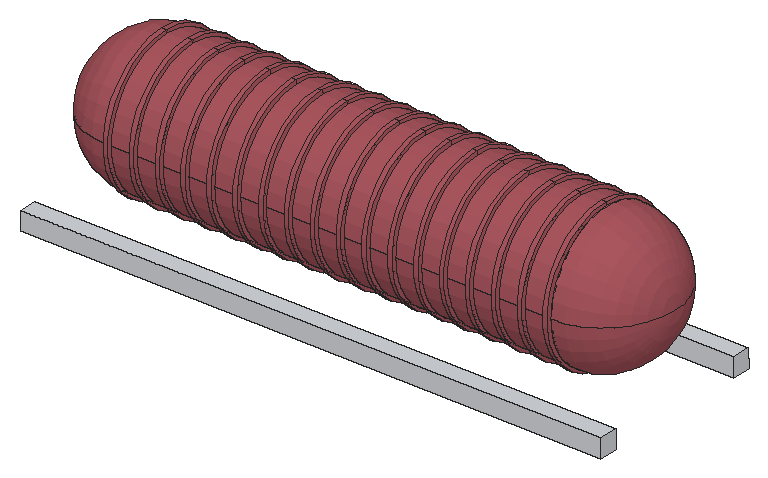
Revit family "Fluid-Storage_Water-Tank_Xerxes_Underground-Rainwater-Harvest-Stormwater-Detention", category Generic Models, Revit 2026
Family settings
  Can host rebar = No
  Round Connector Dimension = Use Diameter
  Part Type = Normal
  Classification Number = 23.65.20.11
  Work Plane-Based = Yes
  Always vertical = No
  Cut with Voids When Loaded = No
  Maintain Annotation Orientation = No
  Shared = No
  Room Calculation Point = No
Parameters
  ribcountcontrol = if(Rib Count < 2, 2, Rib Count)  # 18
  Warranty Duration (Years) = 0
  Unit Weight Notes = "Unit Weight refers to empty tank only."  # constant formula
  Unit Weight = 0
  Unit Length = 31' - 6 1/2"
  URL = "http://www.xerxes.com/"
  Tank Diameter Without Ribs = 7' - 8"
  Standards Conformance = "as Specified"
  Specification = "http://www.arcat.com/sdspecs/htm04/33_16_00xer.htm"
  SpecWizard = "http://www.arcat.com/specwizard/clients/xerxes.html?coid=36629"
  Small Size Resevoir Fitting = no
  Send Message = ""
  Sales Information = "http://www.xerxes.com/contact.html?country=US&productType=Petroleum%20Products"
  Ribs = not(and(Diameter = 4' 0", Unit Length < 10' 0"))  # yes
  Rib Inset = 3' - 10"
  Rib Count = 18
  Revision = "R1_2015-07"
  Product Properties = ""
  Product Data = "http://www.arcat.com/arcatcos/cos36/arc36629.html"
  Model = "As Specified"
  Manufacturer Website = "http://www.xerxes.com/"
  Manufacturer Phone - Toll Free = ""
  Manufacturer Phone = "952-887-1890"
  Manufacturer Fax = "952-887-1882"
  Manufacturer Address = "7901 Xerxes Ave. S.   Minneapolis, MN 55431"
  Manufacturer = "Xerxes Corporation"
  Maintenance Schedule (Months) = 0
  Keynote = "13200"
  Installation-Fabrication = ""
  Installation Phase = ""
  Include Deadmen Anchor [instance] = yes
  Green Building-LEED = ""
  Exterior Finish [instance] = Plastic - Fiberglass - Xerxes - Signature Red
  Expected Lifespan (Years) = 0
  End Length = 3' - 7 3/4"
  Drawn By = "Sumex Design, Inc. / Robert S. Weygant, CSI, CDT, SCIP"
  Double Wall Tank_Dry Monitored [instance] = no
  Double Wall Tank_Brine Monitored [instance] = no
  Double Wall Tank Notes [instance] = "Brine Monitored Tanks will weigh more than Dry Monitored."  # constant formula
  Diameter = 8' - 0"
  Description = "Xerxes Water Tank as Specified"
  Default Elevation = 0' - 0"
  Copyright = "©Arcat Inc."
  Construction Details = "http://www.arcat.com/details/xerxes/xerxes.html?coid=36629"
  Capacity = "as Specified"
  Brine Weight = 0
  Available LEED Credit = "as Specified"
  Assembly Code = "G30"
  Actual Capacity Tank Section 1 = 0
Reference planes (in)
  plane 1 "Center (Front/Back)": y = 0
  plane 2 "Bottom": z = 0
  plane 3 "Center (Left/Right)": x = 0
  plane 4 "Front": y = -46
  plane 5 "Back": y = 46
  plane 6 "Left": x = -189.25
  plane 7 "Right": x = 189.25
  plane 8 "Top": z = 92
  plane 9: x = -145.5
  plane 10: x = 145.5
  plane 11: z = 46
  plane 12: x = -143.25
  plane 13: x = 143.25
  plane 14: z = 94
  plane 15: z = -2
Forms (in)
  Revolve 1, solid, material "Plastic - Fiberglass - Xerxes - Signature Red" <- "Exterior Finish"
    sketch origin (-43.59721, -180, 46) x (-1, 0, 0) y (0, -1, 0)
      loop
        spline (101.90279, -226) -> (107.61331, -225.60646) -> (113.22612, -224.43259) -> (118.64519, -222.49846) -> (123.77779, -219.83717) -> (128.5361, -216.49425) -> (132.83871, -212.52691) -> (136.612, -208.00303) -> (139.7914, -203) -> (142.32252, -197.60344) -> (144.16205, -191.90568) -> (145.2785, -186.0042) -> (145.65279, -180)
        line (145.65279, -180) -> (-232.84721, -180)
        spline (-232.84721, -180) -> (-232.47292, -186.0042) -> (-231.35646, -191.90568) -> (-229.51694, -197.60344) -> (-226.98582, -203) -> (-223.80642, -208.00303) -> (-220.03313, -212.52691) -> (-215.73052, -216.49425) -> (-210.97221, -219.83717) -> (-205.83961, -222.49846) -> (-200.42054, -224.43259) -> (-194.80773, -225.60646) -> (-189.09721, -226)
        line (-189.09721, -226) -> (101.90279, -226)
      axis (145.65279, -180) -> (-232.84721, -180)
    angle from 0 to 360
  Revolve 2, solid, material "Plastic - Fiberglass - Xerxes - Signature Red" <- "Exterior Finish", visible <- "Small Size Resevoir Fitting"
    sketch origin (0, 0, 0) x (1, 0, 0) y (0, 0, 1)
      loop
        line (-192.5, 0) -> (-186, 0) -> (-186, 78.4375) -> (-192.5, 78.4375) -> (-192.5, 0)
      axis (-186, 78.4375) -> (-186, 0)
    angle from 0 to 360
  Revolve 3, solid, material "Plastic - Fiberglass - Xerxes - Signature Red" <- "Exterior Finish", visible <- "Double Wall Tank_Dry Monitored"
    sketch origin (0, 0, 0) x (1, 0, 0) y (0, 0, 1)
      loop
        line (137.125, 92) -> (137.125, 46) -> (143.25, 46) -> (143.25, 96.18116) -> (140.37476, 96.18116) -> (140.37476, 94.68116) -> (139.37476, 94.68116) -> (137.125, 92)
      axis (143.25, 96.18116) -> (143.25, 46)
    angle from 0 to 360
  Revolve 4, solid, material "Plastic - Fiberglass - Xerxes - Signature Red" <- "Exterior Finish", visible <- "Double Wall Tank_Brine Monitored"
    sketch origin (0, 0, 0) x (1, 0, 0) y (0, 0, 1)
      loop
        line (143.25, 46) -> (143.25, 106.5) -> (140.37476, 106.5) -> (140.37476, 105) -> (133.75, 105) -> (133.75, 46) -> (143.25, 46)
      axis (143.25, 106.5) -> (143.25, 46)
    angle from 0 to 360
Dimensions and locks (in)
  equal spacing: plane 6 "Left", plane 3 "Center (Left/Right)", plane 7 "Right"
  "Unit Length": plane 6 "Left" to plane 7 "Right"
  equal spacing: plane 5 "Back", plane 1 "Center (Front/Back)", plane 4 "Front"
  "Tank Diameter Without Ribs": plane 5 "Back" to plane 4 "Front"
  "Tank Diameter Without Ribs": plane 8 "Top" to level
  "End Length": plane 6 "Left" to plane 9
  "End Length": plane 10 to plane 7 "Right"
  locked: plane 6 "Left" to Revolve 1 sketch curve at 0
  locked: plane 7 "Right" to Revolve 1 sketch curve at 0
  equal spacing: plane 8 "Top", plane 11, level
  "Rib Inset": plane 6 "Left" to plane 12
  "Rib Inset": plane 13 to plane 7 "Right"
  equal spacing: group 1, group 3, group 4, group 5, group 6, group 7, group 8, group 9, group 10, group 11, group 12, group 13, group 14, group 15, group 16, group 17, group 18, group 2  (x3)
  locked: Revolve 2 sketch curve to plane 11 at 32.4375
  locked: Revolve 2 sketch curve to plane 6 "Left" at 3.25
  Revolve 2 sketch curve to plane 6 "Left" to Revolve 2 sketch curve = 0' - 3 1/4" locked, 0' - 3 1/4" locked
  equal spacing: plane 14, plane 11, plane 15
  "Diameter": plane 14 to plane 15
  Revolve 3 sketch curve to Revolve 3 sketch curve to plane 8 "Top" to Revolve 3 sketch curve = 0' - 1 1/2" locked, 0' - 2.68116" locked, 0' - 0" locked
  Revolve 4 sketch curve to Revolve 4 sketch curve to plane 8 "Top" = 0' - 1 1/2" locked, 1' - 1" locked
  aligned and locked: Revolve 1 sketch curve to plane 1 "Center (Front/Back)"
  aligned and locked: Revolve 1 sketch curve to plane 5 "Back"
  aligned and locked: Revolve 1 sketch curve to plane 10
  aligned and locked: Revolve 1 sketch curve to plane 9
  aligned and locked: nested 2 to plane 13
  aligned and locked: nested 1 to plane 12
  aligned and locked: plane 3 "Center (Left/Right)" to nested 4
  aligned and locked: Revolve 3 sketch curve to plane 13
  aligned and locked: Revolve 4 sketch curve to plane 13
  aligned and locked: plane 11 to Revolve 3 sketch curve
  aligned and locked: Revolve 4 sketch curve to plane 11
Automatic sketch dimensions
  plane 1 "Center (Front/Back)" to Revolve 1 sketch curve = 0' - 0"
  Revolve 1 sketch curve to Revolve 1 sketch curve = 0' - 4"
  Revolve 1 sketch curve to plane 6 "Left" = 0' - 5"
  Revolve 2 sketch curve to level = 0' - 0"
  Revolve 2 sketch curve to level = 0' - 4 9/16"
  Revolve 2 sketch curve to Revolve 2 sketch curve = 0' - 0"
  Revolve 3 sketch curve to plane 13 = 0' - 2.87524"
  Revolve 3 sketch curve to Revolve 3 sketch curve = 0' - 1"
  Revolve 3 sketch curve to Revolve 3 sketch curve = 0' - 2.24976"
  Revolve 3 sketch curve to plane 8 "Top" = 0' - 3 1/2"
  Revolve 3 sketch curve to Revolve 3 sketch curve = 0' - 0.06884"
  Revolve 3 sketch curve to plane 13 = 0' - 0"
  Revolve 4 sketch curve to plane 13 = 0' - 0"
  Revolve 4 sketch curve to Revolve 4 sketch curve = 0' - 2.87524"
  Revolve 4 sketch curve to Revolve 4 sketch curve = 0' - 6.62476"
  Revolve 4 sketch curve to Revolve 4 sketch curve = 0' - 2 1/2"
  Revolve 4 sketch curve to plane 8 "Top" = 0' - 7 3/4"
Nested families (in)
  nested 1: "Ribs" at (-143.25, 0, 0) x (0, 1, 0) z (0, 0, 1), Diameter <- "Tank Diameter Without Ribs", visible <- "Ribs", finish <- "Exterior Finish", outer diameter <- "Diameter", type "Ribs"
    with rib height 0' - 2", outer diameter 8' - 0", finish Plastic - Fiberglass - Xerxes - Signature Red, Diameter 7' - 8"
  nested 2: "Ribs" at (143.25, 0, 0) x (0, 1, 0) z (0, 0, 1), Diameter <- "Tank Diameter Without Ribs", visible <- "Ribs", finish <- "Exterior Finish", outer diameter <- "Diameter", type "Ribs"
    with rib height 0' - 2", outer diameter 8' - 0", finish Plastic - Fiberglass - Xerxes - Signature Red, Diameter 7' - 8"
  nested 3: "Ribs" at (-126.39706, 0, 0) x (0, 1, 0) z (0, 0, 1), Diameter <- "Tank Diameter Without Ribs", visible <- "Ribs", finish <- "Exterior Finish", outer diameter <- "Diameter", type "Ribs"
    with rib height 0' - 2", outer diameter 8' - 0", finish Plastic - Fiberglass - Xerxes - Signature Red, Diameter 7' - 8"
  nested 4: "Fluid-Storage_Tank-Accessory_Xerxes_Deadmen" at (0, 0, -2) x (1, 0, 0) z (0, 0, -1), Unit Length <- "Unit Length", Space Between Deadmen <- "Diameter", visible <- "Include Deadmen Anchor", type "Fluid-Storage_Tank-Accessory_Xerxes_Deadmen"
    with Unit Width 1' - 0", Unit Length 31' - 6 1/2", Unit Height 1' - 0", Space Between Deadmen 8' - 0", Lower Diameter Tanks yes, Higher Diameter Tanks no
  nested 5: "Ribs" at (-109.54412, 0, 0) x (0, 1, 0) z (0, 0, 1), Diameter <- "Tank Diameter Without Ribs", visible <- "Ribs", finish <- "Exterior Finish", outer diameter <- "Diameter", type "Ribs"
    with rib height 0' - 2", outer diameter 8' - 0", finish Plastic - Fiberglass - Xerxes - Signature Red, Diameter 7' - 8"
  nested 6: "Ribs" at (-92.69118, 0, 0) x (0, 1, 0) z (0, 0, 1), Diameter <- "Tank Diameter Without Ribs", visible <- "Ribs", finish <- "Exterior Finish", outer diameter <- "Diameter", type "Ribs"
    with rib height 0' - 2", outer diameter 8' - 0", finish Plastic - Fiberglass - Xerxes - Signature Red, Diameter 7' - 8"
  nested 7: "Ribs" at (-75.83824, 0, 0) x (0, 1, 0) z (0, 0, 1), Diameter <- "Tank Diameter Without Ribs", visible <- "Ribs", finish <- "Exterior Finish", outer diameter <- "Diameter", type "Ribs"
    with rib height 0' - 2", outer diameter 8' - 0", finish Plastic - Fiberglass - Xerxes - Signature Red, Diameter 7' - 8"
  nested 8: "Ribs" at (-58.98529, 0, 0) x (0, 1, 0) z (0, 0, 1), Diameter <- "Tank Diameter Without Ribs", visible <- "Ribs", finish <- "Exterior Finish", outer diameter <- "Diameter", type "Ribs"
    with rib height 0' - 2", outer diameter 8' - 0", finish Plastic - Fiberglass - Xerxes - Signature Red, Diameter 7' - 8"
  nested 9: "Ribs" at (-42.13235, 0, 0) x (0, 1, 0) z (0, 0, 1), Diameter <- "Tank Diameter Without Ribs", visible <- "Ribs", finish <- "Exterior Finish", outer diameter <- "Diameter", type "Ribs"
    with rib height 0' - 2", outer diameter 8' - 0", finish Plastic - Fiberglass - Xerxes - Signature Red, Diameter 7' - 8"
  nested 10: "Ribs" at (-25.27941, 0, 0) x (0, 1, 0) z (0, 0, 1), Diameter <- "Tank Diameter Without Ribs", visible <- "Ribs", finish <- "Exterior Finish", outer diameter <- "Diameter", type "Ribs"
    with rib height 0' - 2", outer diameter 8' - 0", finish Plastic - Fiberglass - Xerxes - Signature Red, Diameter 7' - 8"
  nested 11: "Ribs" at (-8.42647, 0, 0) x (0, 1, 0) z (0, 0, 1), Diameter <- "Tank Diameter Without Ribs", visible <- "Ribs", finish <- "Exterior Finish", outer diameter <- "Diameter", type "Ribs"
    with rib height 0' - 2", outer diameter 8' - 0", finish Plastic - Fiberglass - Xerxes - Signature Red, Diameter 7' - 8"
  nested 12: "Ribs" at (8.42647, 0, 0) x (0, 1, 0) z (0, 0, 1), Diameter <- "Tank Diameter Without Ribs", visible <- "Ribs", finish <- "Exterior Finish", outer diameter <- "Diameter", type "Ribs"
    with rib height 0' - 2", outer diameter 8' - 0", finish Plastic - Fiberglass - Xerxes - Signature Red, Diameter 7' - 8"
  nested 13: "Ribs" at (25.27941, 0, 0) x (0, 1, 0) z (0, 0, 1), Diameter <- "Tank Diameter Without Ribs", visible <- "Ribs", finish <- "Exterior Finish", outer diameter <- "Diameter", type "Ribs"
    with rib height 0' - 2", outer diameter 8' - 0", finish Plastic - Fiberglass - Xerxes - Signature Red, Diameter 7' - 8"
  nested 14: "Ribs" at (42.13235, 0, 0) x (0, 1, 0) z (0, 0, 1), Diameter <- "Tank Diameter Without Ribs", visible <- "Ribs", finish <- "Exterior Finish", outer diameter <- "Diameter", type "Ribs"
    with rib height 0' - 2", outer diameter 8' - 0", finish Plastic - Fiberglass - Xerxes - Signature Red, Diameter 7' - 8"
  nested 15: "Ribs" at (58.98529, 0, 0) x (0, 1, 0) z (0, 0, 1), Diameter <- "Tank Diameter Without Ribs", visible <- "Ribs", finish <- "Exterior Finish", outer diameter <- "Diameter", type "Ribs"
    with rib height 0' - 2", outer diameter 8' - 0", finish Plastic - Fiberglass - Xerxes - Signature Red, Diameter 7' - 8"
  nested 16: "Ribs" at (75.83824, 0, 0) x (0, 1, 0) z (0, 0, 1), Diameter <- "Tank Diameter Without Ribs", visible <- "Ribs", finish <- "Exterior Finish", outer diameter <- "Diameter", type "Ribs"
    with rib height 0' - 2", outer diameter 8' - 0", finish Plastic - Fiberglass - Xerxes - Signature Red, Diameter 7' - 8"
  nested 17: "Ribs" at (92.69118, 0, 0) x (0, 1, 0) z (0, 0, 1), Diameter <- "Tank Diameter Without Ribs", visible <- "Ribs", finish <- "Exterior Finish", outer diameter <- "Diameter", type "Ribs"
    with rib height 0' - 2", outer diameter 8' - 0", finish Plastic - Fiberglass - Xerxes - Signature Red, Diameter 7' - 8"
  nested 18: "Ribs" at (109.54412, 0, 0) x (0, 1, 0) z (0, 0, 1), Diameter <- "Tank Diameter Without Ribs", visible <- "Ribs", finish <- "Exterior Finish", outer diameter <- "Diameter", type "Ribs"
    with rib height 0' - 2", outer diameter 8' - 0", finish Plastic - Fiberglass - Xerxes - Signature Red, Diameter 7' - 8"
  nested 19: "Ribs" at (126.39706, 0, 0) x (0, 1, 0) z (0, 0, 1), Diameter <- "Tank Diameter Without Ribs", visible <- "Ribs", finish <- "Exterior Finish", outer diameter <- "Diameter", type "Ribs"
    with rib height 0' - 2", outer diameter 8' - 0", finish Plastic - Fiberglass - Xerxes - Signature Red, Diameter 7' - 8"
Definition of nested family "Ribs"
  Parameters
    rib height [instance] = (outer diameter - Diameter) / 2  # 1' - 0.28415"
    outer diameter [instance] = 4' - 5"
    finish [instance] = none
    Diameter [instance] = 2' - 4.4317"
    Default Elevation = 0' - 0"
    Assembly Code = ""
  Reference planes (in)
    plane 1 "Center (Front/Back)": y = 0
    plane 2: z = 0
    plane 3 "Center (Left/Right)": x = 0
    plane 4: z = 28.4317
    plane 5: z = 40.71585
    plane 6: z = -12.28415
  Forms (in)
    Revolve 1, solid, material <- "finish"
      sketch origin (0, 0, 0) x (0, 1, 0) y (0, 0, 1)
        loop
          line (-1.45594, -12.28415) -> (1.45594, -12.28415) -> (1.75, 0) -> (-1.75, 0) -> (-1.45594, -12.28415)
        axis (-1.75, 14.21585) -> (1.75, 14.21585)
      angle from 0 to 360
  Dimensions and locks (in)
    "Diameter": plane 4 to level
    equal spacing: plane 4, Revolve 1 sketch curve, level
    "rib height": plane 5 to plane 4
    "rib height": level to plane 6
    aligned and locked: plane 2 to level
    aligned and locked: plane 6 to Revolve 1 sketch curve
  Automatic sketch dimensions
    Revolve 1 sketch curve to level = 0' - 0"
    plane 1 "Center (Front/Back)" to Revolve 1 sketch curve = 1' - 2.96287"
    plane 1 "Center (Front/Back)" to Revolve 1 sketch curve = 0' - 1 3/4"
    Revolve 1 sketch curve to Revolve 1 sketch curve = 0' - 0.29406"  (x2)
    Revolve 1 sketch curve to plane 1 "Center (Front/Back)" = 0' - 1.45594"
    Revolve 1 sketch curve to plane 1 "Center (Front/Back)" = 1' - 1.03713"
Definition of nested family "Fluid-Storage_Tank-Accessory_Xerxes_Deadmen"
  Parameters
    Warranty Duration (Years) = 0
    Unit Width [instance] = if(Space Between Deadmen < 10' 0", 1' 0", 1' 6")  # 1' - 0"
    Unit Weight = 0
    Unit Length [instance] = 6' - 0"
    Unit Height [instance] = if(Space Between Deadmen < 10' 0", 1' 0", 0' 8 3/4")  # 1' - 0"
    URL = ""
    Specification = ""
    SpecWizard = ""
    Space Between Deadmen [instance] = 2' - 8"
    Send Message = ""
    Sales Information = ""
    Revision = "R1_01-2014"
    Product Properties = ""
    Product Data = ""
    Model = "As Specified"
    Manufacturer Website = ""
    Manufacturer Phone - Toll Free = ""
    Manufacturer Phone = ""
    Manufacturer Fax = ""
    Manufacturer Address = ""
    Manufacturer = ""
    Maintenance Schedule (Months) = 0
    Lower Diameter Tanks [instance] = Space Between Deadmen < 10' 0"  # yes
    Keynote = ""
    Installation-Fabrication = ""
    Installation Phase = ""
    Higher Diameter Tanks [instance] = not(Space Between Deadmen < 10' 0")  # no
    Green Building-LEED = ""
    Expected Lifespan (Years) = 0
    Drawn By = "Sumex Design, Inc. / Robert S. Weygant, CSI, CDT, SCIP"
    Description = ""
    Default Elevation = 0' - 0"
    Copyright = "©Arcat Inc."
    Construction Details = ""
    Assembly Code = ""
  Reference planes (in)
    plane 1 "Center (Front/Back)": y = 0
    plane 2 "Bottom": z = 0
    plane 3 "Center (Left/Right)": x = 0
    plane 4 "Front": y = -16
    plane 5 "Back": y = 16
    plane 6 "Left": x = -36
    plane 7 "Right": x = 36
  Forms (in)
    Extrusion 1, solid, visible <- "Lower Diameter Tanks"
      sketch origin (0, 0, 0) x (0, 1, 0) y (0, 0, 1)
        loop
          line (-28, 12) -> (-28, 0) -> (-16, 0) -> (-16, 12) -> (-28, 12)
        loop
          line (16, 12) -> (16, 0) -> (28, 0) -> (28, 12) -> (16, 12)
      from -36 to 36
    Extrusion 2, solid, visible <- "Higher Diameter Tanks"
      sketch origin (0, 0, 0) x (0, 1, 0) y (0, 0, 1)
        loop
          line (16, 8.75) -> (16, 2.88675) -> (21, 0) -> (29, 0) -> (34, 2.88675) -> (34, 8.75) -> (16, 8.75)
        loop
          line (-16, 8.75) -> (-34, 8.75) -> (-34, 2.88675) -> (-29, 0) -> (-21, 0) -> (-16, 2.88675) -> (-16, 8.75)
      from -36 to 36
  Dimensions and locks (in)
    equal spacing: plane 6 "Left", plane 3 "Center (Left/Right)", plane 7 "Right"
    "Unit Length": plane 6 "Left" to plane 7 "Right"
    equal spacing: plane 5 "Back", plane 1 "Center (Front/Back)", plane 4 "Front"
    "Space Between Deadmen": plane 5 "Back" to plane 4 "Front"
    locked: Extrusion 1 sketch curve to plane 4 "Front" at 12
    locked: plane 5 "Back" to Extrusion 1 sketch curve at 12
    locked: Extrusion 1 sketch curve to level at 12  (x2)
    Extrusion 2 sketch curve to Extrusion 2 sketch curve to Extrusion 2 sketch curve to plane 4 "Front" = 0' - 5" locked, 0' - 8" locked, 0' - 5" locked
    plane 5 "Back" to Extrusion 2 sketch curve to Extrusion 2 sketch curve to Extrusion 2 sketch curve = 0' - 5" locked, 0' - 8" locked, 0' - 5" locked
    aligned and locked: plane 7 "Right" to Extrusion 1
    aligned and locked: Extrusion 1 to plane 6 "Left"
    aligned and locked: Extrusion 2 to plane 7 "Right"
    aligned and locked: Extrusion 2 to plane 6 "Left"
  Automatic sketch dimensions
    Extrusion 1 sketch curve to level = 0' - 0"  (x2)
    Extrusion 1 sketch curve to plane 4 "Front" = 0' - 0"
    Extrusion 1 sketch curve to plane 5 "Back" = 0' - 0"
    level to Extrusion 2 sketch curve = 0' - 8 3/4"
    Extrusion 2 sketch curve to plane 4 "Front" = 0' - 0"
    Extrusion 2 sketch curve to plane 5 "Back" = 0' - 0"
    level to Extrusion 2 sketch curve = 0' - 2.88675"  (x2)
    Extrusion 2 sketch curve to Extrusion 2 sketch curve = 0' - 5.86325"  (x2)
    Extrusion 2 sketch curve to Extrusion 2 sketch curve = 0' - 2.88675"  (x2)
    Extrusion 2 sketch curve to level = 0' - 0"
